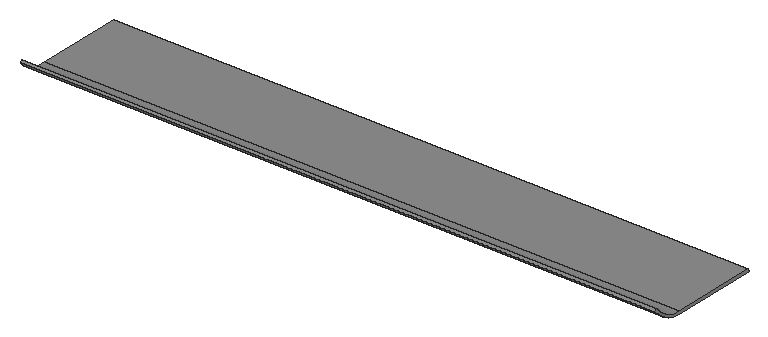
Revit family "Haworth_Pergola_Accessory_Tray_PRELIM", category Furniture Systems, Revit 2018
Family settings
  Round Connector Dimension = Use Diameter
  Part Type = Normal
  OmniClass Number = 23.40.70.14.64.21
  OmniClass Title = Systems Furniture
  Work Plane-Based = No
  Always vertical = Yes
  Cut with Voids When Loaded = No
  Shared = No
  Room Calculation Point = No
Parameters (values of type "30w")
  Warranty = "http://www.haworth.com/resources/product-info/warranties"
  URL - Product = "https://www.haworth.com/na/en/inspiration/pergola.html"
  URL = "http://www.haworth.com"
  Trim Finish = Haworth _ Laminate _ Undecided _ Pergola
  Sustainability Info = "http://www.haworth.com/company-info/sustainablility"
  Standard Width = "18, 30, 42 in."  # constant formula
  Small - 18w = no
  Model = "Haworth Pergola"  # constant formula
  Medium - 30w = yes
  Large - 42w = not(or([Small - 18w], [Medium - 30w]))  # no
  Description = "Haworth - Pergola Tray"  # constant formula
  Actual Depth = 5 1/2"  # constant formula
  Size = "Verify Final Dim. w/ Haworth"  # constant formula
  Revision Number = "1"  # constant formula
  Manufacturer = "Haworth"  # constant formula
  Author = "Haworth (Bentzen)"  # constant formula
  Assembly Code = "E2020200"
  Actual Width = if([Small - 18w], 18", if([Medium - 30w], 30", 42"))  # 30"
  Actual Height = 15/128"  # constant formula
Types (3): name | Small - 18w | Medium - 30w | Large - 42w | Actual Width
  18w | yes | no | no | 18"
  30w | no | yes | no | 30"
  42w | no | no | yes | 42"
Reference planes (in)
  plane 1 "Bottom": z = 39.383
  plane 2 "Top": z = 39.50019
  plane 3 "Back": y = 9.8198
  plane 4 "Front": y = 4.3198
  plane 5 "Center (Front/Back)": y = 7.0698
  plane 6: y = 5.7823
  plane 7: y = 4.619
  plane 8 "2": z = 39.44159
  plane 9: through (0, 4.46665, 40.25345) normal (0, -0.7071, 0.7071)
  plane 10: x = 3.89834
  plane 11: x = 33.89834
  plane 12 "Center (Left/Right)": x = 18.89834
Forms (in)
  Extrusion 1, solid, material "Haworth _ Laminate _ Undecided _ Pergola" <- "Trim Finish"
    sketch origin (-6.12378, 0, 4.383) x (0, 0, 1) y (0, -1, 0)
      loop
        arc (35.11719, -5.78165) -> (35.29859, -5.01043) -> (35.80476, -4.40095) r 1.73006
        line (35.80476, -4.40095) -> (35.72792, -4.32411)
        arc (35.72792, -4.32411) -> (35.1921, -4.96705) -> (35, -5.78164) r 1.82319
        line (35, -5.78164) -> (35, -9.8198) -> (35.11719, -9.8198) -> (35.11719, -5.78165)
    from 10.02213 to 40.02213
Lines and regions (in)
  Masking region 1
    outline origin (0, 0, 0) x (1, 0, 0) y (0, 1, 0)
      loop
        line (3.89834, 9.8198) -> (3.89834, 4.3198) -> (33.89834, 4.3198) -> (33.89834, 9.8198) -> (3.89834, 9.8198)
Dimensions and locks (in)
  equal spacing: plane 3 "Back", plane 5 "Center (Front/Back)", plane 4 "Front"
  "Actual Depth": plane 3 "Back" to plane 4 "Front"
  "Actual Height": plane 2 "Top" to plane 1 "Bottom"
  plane 3 "Back" to plane 6 = 4.0375"
  plane 3 "Back" to plane 7 = 5.2008"
  equal spacing: plane 2 "Top", plane 8 "2", plane 1 "Bottom"
  "Actual Width": plane 10 to plane 11
  equal spacing: plane 10, plane 12 "Center (Left/Right)", plane 11
  aligned and locked: Extrusion 1 to plane 1 "Bottom"
  aligned and locked: plane 2 "Top" to Extrusion 1
  aligned and locked: Extrusion 1 to plane 3 "Back"
  aligned and locked: plane 9 to Extrusion 1
  aligned and locked: Extrusion 1 to plane 10
  aligned and locked: plane 11 to Extrusion 1
  aligned and locked: Masking region 1 to plane 3 "Back"
  aligned and locked: plane 4 "Front" to Masking region 1
  aligned and locked: Masking region 1 to plane 10
  aligned and locked: plane 11 to Masking region 1
Automatic sketch dimensions
  Extrusion 1 sketch curve to plane 1 "Bottom" = 0"
  plane 2 "Top" to Extrusion 1 sketch curve = 0"
  Extrusion 1 sketch curve to plane 4 "Front" = 0.00431"
  plane 6 to Extrusion 1 sketch curve = 0.00065"  (x2)
  Extrusion 1 sketch curve to plane 3 "Back" = 0"
  plane 1 "Bottom" to Extrusion 1 sketch curve = 0.72792"
  Extrusion 1 sketch curve to plane 4 "Front" = 0.08115"
  Extrusion 1 sketch curve to Extrusion 1 sketch curve = 0.07684"
  Masking region 1 sketch curve to plane 10 = 0"
  Masking region 1 sketch curve to plane 11 = 0"
  plane 3 "Back" to Masking region 1 sketch curve = 0"
  Masking region 1 sketch curve to plane 4 "Front" = 0"
